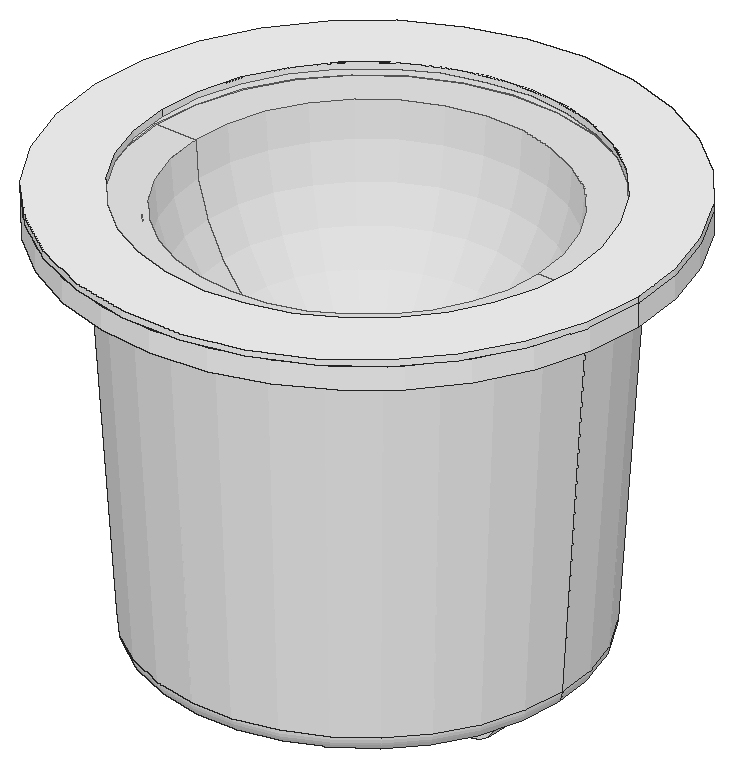
Revit family "2058878 Feilo Sylvania Lighting Fixture MYRD IP FL 4K PHDMEM WHT WBEZ", category Lighting Fixtures, host Face, Revit 2017
Family settings
  Host = Face
  Round Connector Dimension = Use Diameter
  Part Type = Normal
  OmniClass Number = 23.80.70.11.17
  OmniClass Title = Specialized Lighting by Location or Use
  Cut with Voids When Loaded = No
  Light Source = Yes
  Shared = No
  Room Calculation Point = No
Parameters
  Weight = "1.44 kg"
  Wattage = 12 W
  WarrantyStartDate [instance] = "n/a"
  WarrantyGuarantorParts = "n/a"
  WarrantyDurationUnit = "n/a"
  WarrantyDurationParts = "n/a"
  WarrantyDescription = "n/a"
  built-in parameter 1150110 = 1 (stored number, unit not read)
  Voltage = 230 V
  URL = "http://www.sylvania-lighting.com"
  TypeName = "MYRD IP FL 4K PHDMEM WHT WBEZ"
  Type Image = 0
  Type Comments = ""
  built-in parameter 1114217 = 1 (stored number, unit not read)
  Tilt Angle = -90°
  built-in parameter 1150109 = 1 (stored number, unit not read)
  built-in parameter 1150134 = 12
  built-in parameter 1150113 = 1 (stored number, unit not read)
  SerialNumber [instance] = "n/a"
  Reflector Radius = Cutout Diameter / 2 - 2.5 mm  # 35.0 mm
  Reflector Material = Aluminum_Sylvania_Myriad_Bright
  Recessed Depth = Height  # 72.0 mm
  PowerFactor = 0
  PowerConsumption = "12 W"
  Photometric Web File = ""
  NominalWidth = 0.0 mm
  NominalLength = 76.0 mm
  NominalHeight = 72.0 mm
  Name = "MYRD IP FL 4K PHDMEM WHT WBEZ"
  ModelReference = "MYRD IP FL 4K PHDMEM WHT WBEZ"
  ModelNumber = "2058878"
  Material = "Aluminium"
  ManufacturerName = "Feilo Sylvania"
  LuminousEfficacy = "98 lm/W"
  LuminaireType = "Ceiling recessed"
  LightOutputRatio = "1"
  LampsType = Lamp  # "LED"
  LampNominalLuminous = "977 lm"
  LampMacAdamStep = "n/a"
  LampColourTemperature = "4000 K"
  LampColourRenderingIndex = "n/a"
  Keynote = "16500"
  Keynote_2 = "16500"
  InstallationDate [instance] = "n/a"
  InputVoltage = "230-240V~"
  InputNominalFrequency = "50/60 Hz"
  IngressProtection = "IP65"
  ImpactProtectionIndex = "IK02"
  IfcExportType = "IfcLightFixtureType"
  IfcExportAs = "IfcLightFixtureType"
  Height = 72.0 mm  # constant formula
  ExpectedLife = 50000
  Emit from Circle Diameter = Accessory Inner Diameter 2  # 68.0 mm
  Emit Shape Visible in Rendering = no
  ElectricShockClassification = "Class II"
  DurationUnit = "hours"
  DocumentationLiterature = "http://www.sylvania-lighting.com/product/en-int/products/2058878"
  DimmingControlOptions = "Dimmable"
  Diffuser Material = Glass_Sylvania_Myriad_Clear_4000K
  Diffuser Diameter = Cutout Diameter  # 75.0 mm
  Cutout Diameter = 75.0 mm  # constant formula
  CreatedOn = "03-11-2017"
  CreatedBy = ""
  Cost = 0
  built-in parameter 1114216 [instance] = 1 (stored number, unit not read)
  built-in parameter 1150142 = (empty or 0)
  Model = "MYRD IP FL 4K PHDMEM WHT WBEZ"
  Manufacturer = "Feilo Sylvania"  # constant formula
  built-in parameter 1150105 = 93.583 (stored number, unit not read)
  Lumens = 1176 lm
  built-in parameter 1150115 = 1 (stored number, unit not read)
  built-in parameter 1150137 = (empty or 0)
  built-in parameter 1150139 = (empty or 0)
  built-in parameter 1150112 = 1 (stored number, unit not read)
  built-in parameter 1150114 = 1 (stored number, unit not read)
  Lamp = "LED"
  built-in parameter 1150132 = (empty or 0)
  built-in parameter 1150102 = (empty or 0)
  built-in parameter 1150107 = 4000 (stored number, unit not read)
  built-in parameter 1150138 = (empty or 0)
  built-in parameter 1150106 = 0.93583 (stored number, unit not read)
  built-in parameter 1150104 = 9.1045 (stored number, unit not read)
  Dimming Lamp Color Temperature Shift = (empty or 0)
  Description = "Supplied complete with electronic control gear Compact Fluorescent low energy downlight Emergency version passes through the cut out Ideal for low level orientation lighting New range of Architectural accessories each providing a different lit dimension New completely flush plaster up accessory ring for clean ceiling lines and smooth finish Order lamp separately"  # constant formula
  Default Elevation = 0.0 mm
  Color Filter = 16777215
  built-in parameter 1140040 [instance] = 1
  Body Radius = Reflector Radius + 1.5 mm  # 36.5 mm
  Body Material = Aluminum_Sylvania_Myriad_Gray
  BarCode [instance] = "n/a"
  built-in parameter 1114218 = 1 (stored number, unit not read)
  built-in parameter 1150133 = 10 (stored number, unit not read)
  AssetType = "Fixed"
  AssetIdentifier [instance] = "n/a"
  Assembly Code = "D5020200"
  Apparent Load = 12 VA
  Accessory Material = Aluminum_Sylvania_Myriad_White
  Accessory Inner Diameter 2 = Accessory Diameter - 22.0 mm  # 68.0 mm
  Accessory Inner Diameter 1 = Accessory Diameter - 2.0 mm  # 88.0 mm
  Accessory Diameter = Cutout Diameter + 15.0 mm  # 90.0 mm
Reference planes
  plane 1 "Center (Front/Back)": y = 0
  plane 2: z = 0
  plane 3 "Center (Left/Right)": x = 0
  plane 4: z = 2
  plane 5 "Fixture Bottom": z = 4.5
  plane 6: z = -28.5
  plane 7: z = -61.5
  plane 8 "Fixture Top": z = -67.5
  plane 9: z = 3.5
Forms (mm)
  Revolve 1, solid, material "Aluminum_Sylvania_Myriad_Bright" <- "Reflector Material", detail levels fine
    sketch origin (0, 0, 0) x (1, 0, 0) y (0, 0, 1)
      loop
        line (0, -27.515) -> (-6, -27.515)
        arc (-6, -27.515) -> (-22.333, -16.632) -> (-28.5, 2) r 30.135
        line (-28.5, 2) -> (-35, 2) -> (-35, 0) -> (-29.184, 0)
        arc (-29.184, 0) -> (-22.423, -18.18) -> (-6, -28.5) r 30.204
        line (-6, -28.5) -> (0, -28.5) -> (0, -27.515)
      axis (0, -28.5) -> (0, 2)
    angle from 0 to 360
  Revolve 2, solid, material "Aluminum_Sylvania_Myriad_Gray" <- "Body Material", detail levels fine
    sketch origin (0, 0, 0) x (1, 0, 0) y (0, 0, 1)
      loop
        line (-44, 2) -> (-44, 0) -> (-36.5, 0) -> (-32.42, -58.708)
        arc (-32.42, -58.708) -> (-31.474, -60.694) -> (-29.428, -61.5) r 3
        line (-29.428, -61.5) -> (0, -61.5) -> (0, -28.5) -> (-6, -28.5)
        arc (-6, -28.5) -> (-22.423, -18.18) -> (-29.184, 0) r 30.204
        line (-29.184, 0) -> (-35, 0) -> (-35, 2) -> (-44, 2)
      axis (0, 2) -> (0, -61.5)
    angle from 0 to 360
  Extrusion 3, solid, material "Aluminum_Sylvania_Myriad_Gray" <- "Body Material", detail levels fine
    sketch origin (0, 0, 0) x (1, 0, 0) y (0, 0, 1)
      loop
        line (-13.5, -67.5) -> (21, -67.5)
        arc (21, -67.5) -> (23.828, -66.328) -> (25, -63.5) r 4
        line (25, -63.5) -> (25, -61.5) -> (-17.5, -61.5) -> (-17.5, -63.5)
        arc (-17.5, -63.5) -> (-16.328, -66.328) -> (-13.5, -67.5) r 4
    from -4.5 to 4.5
  Extrusion 4, solid, material "Aluminum_Sylvania_Myriad_White" <- "Accessory Material", detail levels fine
    sketch origin (0, 0, 0) x (1, 0, 0) y (0, 1, 0)
      loop
        circle (0, 0) r 45
      loop
        circle (0, 0) r 44
    from 0 to 3.5
  Extrusion 5, solid, material "Aluminum_Sylvania_Myriad_White" <- "Accessory Material", detail levels fine
    sketch origin (0, 0, 0) x (1, 0, 0) y (0, 1, 0)
      loop
        circle (0, 0) r 45
      loop
        circle (0, 0) r 34
    from 3.5 to 4.5
  Extrusion 6, solid, material "Aluminum_Sylvania_Myriad_White" <- "Accessory Material", detail levels coarse+medium
    sketch origin (0, 0, 0) x (1, 0, 0) y (0, 1, 0)
      loop
        circle (0, 0) r 45
    from 0 to 4.5
  Revolve 7, solid, detail levels coarse+medium
    sketch origin (0, 0, 0) x (1, 0, 0) y (0, 0, 1)
      loop
        line (36.5, 0) -> (0, 0) -> (0, -61.5) -> (32.226, -61.5) -> (36.5, 0)
      axis (0, 0) -> (0, -61.5)
    angle from 0 to 360
  Extrusion 8, void
    sketch origin (0, 0, 0) x (1, 0, 0) y (0, 1, 0)
      loop
        circle (0, 0) r 37.5
    from -67.5 to 0
  Extrusion 9, solid, material "Glass_Sylvania_Myriad_Clear_4000K" <- "Diffuser Material", detail levels fine
    sketch origin (0, 0, 0) x (1, 0, 0) y (0, 1, 0)
      loop
        circle (0, 0) r 37.5
    from 2 to 3.5
Cuts and joins
  joined: Extrusion 4, Extrusion 5
Lines and regions (mm)
  Masking region 1
    outline origin (0, 0, 0) x (1, 0, 0) y (0, 1, 0)
      loop
        circle (0, 0) r 45
  symbolic lines
    curve 1: arc (-34, 0, 0) -> (0, 34, 0) -> (34, 0, 0) r 34
    curve 2: arc (34, 0, 0) -> (0, -34, 0) -> (-34, 0, 0) r 34
Dimensions and locks
  locked: plane 7 to plane 8 "Fixture Top" at 6
  "Body Radius": Revolve 7 sketch curve to plane 3 "Center (Left/Right)"
  locked: Revolve 7 sketch curve to Revolve 7 sketch curve at 4.274
  plane 5 "Fixture Bottom" to plane 9 to plane 4 to plane 2 to plane 6 = 1.0 mm locked, 1.5 mm locked, 2.0 mm locked, 28.5 mm locked
  "Reflector Radius": Revolve 1 sketch curve to plane 3 "Center (Left/Right)"
  Revolve 1 sketch curve to Revolve 1 sketch curve to Revolve 1 sketch curve to Revolve 1 sketch curve = 6.5 mm locked, 22.5 mm locked, 0.0 mm locked
  "Reflector Radius": plane 3 "Center (Left/Right)" to Revolve 2 sketch curve
  Revolve 2 sketch curve to Revolve 2 sketch curve to Revolve 2 sketch curve = 7.5 mm locked, 1.5 mm locked
  Revolve 2 sketch curve to Revolve 2 sketch curve to Revolve 2 sketch curve = 5.816 mm locked, 23.184 mm locked
  Revolve 2 sketch curve to Revolve 2 sketch curve to Revolve 2 sketch curve = 2.58 mm locked, 2.993 mm locked
  "Accessory Diameter": diameter of Extrusion 4 sketch curve
  "Accessory Inner Diameter 1": diameter of Extrusion 4 sketch curve
  "Accessory Diameter": diameter of Extrusion 5 sketch curve
  "Accessory Diameter": diameter of Extrusion 6 sketch curve
  "Cutout Diameter": diameter of Extrusion 8 sketch curve
  "Accessory Inner Diameter 2": diameter of Extrusion 5 sketch curve
  "Diffuser Diameter": diameter of Extrusion 9 sketch curve
  aligned and locked: plane 2 to host face
  aligned and locked: level to host face
  aligned and locked: plane 1 "Center (Front/Back)" to imposter light
  aligned and locked: plane 3 "Center (Left/Right)" to imposter light
  aligned and locked: Revolve 1 sketch curve to imposter light
  aligned and locked: Extrusion 3 sketch curve to plane 8 "Fixture Top"
  aligned and locked: plane 7 to Extrusion 3 sketch curve
  aligned and locked: Extrusion 4 to plane 2
  aligned and locked: plane 9 to Extrusion 4
  aligned and locked: Extrusion 5 to plane 9
  aligned and locked: plane 5 "Fixture Bottom" to Extrusion 5
  aligned and locked: Extrusion 6 to plane 2
  aligned and locked: plane 5 "Fixture Bottom" to Extrusion 6
  aligned and locked: Extrusion 8 to plane 8 "Fixture Top"
  aligned and locked: plane 2 to Extrusion 8
  aligned and locked: Masking region 1 sketch curve to Extrusion 6  (x2)
  aligned and locked: Extrusion 9 to plane 4
  aligned and locked: plane 9 to Extrusion 9
  aligned and locked: plane 4 to Revolve 2 sketch curve
  aligned and locked: Revolve 2 sketch curve to plane 2
  aligned and locked: curve 1 to cut or joined group of Extrusion 4, Extrusion 5
  aligned and locked: curve 2 to cut or joined group of Extrusion 4, Extrusion 5
  aligned and locked: imposter light to plane 5 "Fixture Bottom"
Automatic sketch dimensions
  host sketch curve to host sketch curve = 1305.563 mm
  host sketch curve to host sketch curve = 1283.632 mm
  Extrusion 3 sketch curve to plane 7 = 2.0 mm
  Extrusion 3 sketch curve to plane 3 "Center (Left/Right)" = 13.5 mm
  plane 3 "Center (Left/Right)" to Extrusion 3 sketch curve = 21.0 mm
  Extrusion 3 sketch curve to Extrusion 3 sketch curve = 4.0 mm
  Revolve 1 sketch curve to level = 0.0 mm
  Revolve 1 sketch curve to plane 3 "Center (Left/Right)" = 0.0 mm
  Revolve 1 sketch curve to plane 6 = 0.0 mm
  Revolve 1 sketch curve to plane 4 = 0.0 mm
  Revolve 1 sketch curve to Revolve 1 sketch curve = 0.684 mm
  level to Revolve 1 sketch curve = 0.88 mm
  Revolve 1 sketch curve to plane 4 = 0.363 mm
  Revolve 1 sketch curve to Revolve 1 sketch curve = 0.625 mm
  Revolve 1 sketch curve to plane 8 "Fixture Top" = 232.8 mm
  plane 5 "Fixture Bottom" to Revolve 1 sketch curve = 291.243 mm
  Revolve 2 sketch curve to plane 3 "Center (Left/Right)" = 0.0 mm  (x2)
  Revolve 2 sketch curve to plane 7 = 0.0 mm
  Revolve 2 sketch curve to plane 6 = 0.0 mm
  Revolve 2 sketch curve to level = 0.0 mm
  level to Revolve 2 sketch curve = 0.88 mm
  plane 7 to Revolve 2 sketch curve = 2.792 mm
  Revolve 2 sketch curve to plane 8 "Fixture Top" = 304.774 mm
  plane 5 "Fixture Bottom" to Revolve 2 sketch curve = 1137.105 mm
  Extrusion 4 sketch curve to Extrusion 4 sketch curve = 0.0 mm  (x2)
  plane 1 "Center (Front/Back)" to Extrusion 4 sketch curve = 0.0 mm
  Extrusion 4 sketch curve to plane 3 "Center (Left/Right)" = 0.0 mm
  Extrusion 5 sketch curve to Extrusion 5 sketch curve = 0.0 mm  (x2)
  plane 1 "Center (Front/Back)" to Extrusion 5 sketch curve = 0.0 mm
  Extrusion 5 sketch curve to plane 3 "Center (Left/Right)" = 0.0 mm
  plane 1 "Center (Front/Back)" to Extrusion 6 sketch curve = 0.0 mm
  Extrusion 6 sketch curve to plane 3 "Center (Left/Right)" = 0.0 mm
  Revolve 7 sketch curve to level = 0.0 mm
  Revolve 7 sketch curve to plane 3 "Center (Left/Right)" = 0.0 mm  (x2)
  Revolve 7 sketch curve to plane 7 = 0.0 mm
  Revolve 7 sketch curve to plane 8 "Fixture Top" = 304.774 mm
  plane 5 "Fixture Bottom" to Revolve 7 sketch curve = 43.226 mm
  plane 1 "Center (Front/Back)" to Extrusion 8 sketch curve = 0.0 mm
  Extrusion 8 sketch curve to plane 3 "Center (Left/Right)" = 0.0 mm
  plane 1 "Center (Front/Back)" to Extrusion 9 sketch curve = 0.0 mm
  Extrusion 9 sketch curve to plane 3 "Center (Left/Right)" = 0.0 mm
Connectors
  electrical at (-0.006, -0.019, -67.5), driven by "Apparent Load", driven by "Apparent Load"
    settings: on plane 8 "Fixture Top", index 1, voltage 230 V, apparent load 12 VA, apparent load phase1 12 VA, apparent load phase2 0 VA, apparent load phase3 0 VA, power factor 1, load classification "Lighting", number of poles 1, system type 30, power factor state 1, is connector primary yes, connector utility no, sub classification motor no, connector description ""
